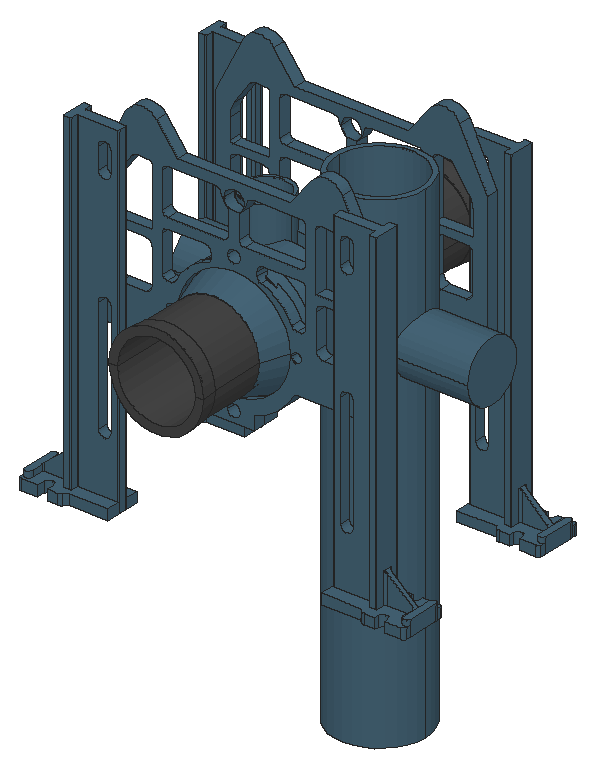
Revit family "Carrier_Closet_Offset_Vertical_Left_Hand-Zurn-Z1209-ND4", category Plumbing Fixtures, Revit 2022 (continued)
Dimensions and locks (in)
  aligned and locked: plane 138 to curve 9
  aligned and locked: curve 9 to plane 99 "MIDD"
  aligned and locked: plane 142 to curve 10
  aligned and locked: plane 120 to curve 10
  aligned and locked: plane 140 "Vent Plane _L4" to curve 10
  aligned and locked: plane 127 "New Plane 1" to curve 11
  aligned and locked: plane 128 "New Plane 2" to curve 11
  aligned and locked: plane 146 "New Plane_ND" to Extrusion 16 sketch curve
  aligned and locked: plane 146 "New Plane_ND" to Extrusion 13 sketch curve  (x2)
  aligned and locked: plane 146 "New Plane_ND" to Extrusion 15 sketch curve  (x2)
  aligned and locked: Revolve 18 sketch curve to Revolve 18 sketch curve
  aligned and locked: Revolve 18 sketch curve to plane 148
  aligned and locked: plane 151 to Revolve 21 sketch curve
  aligned and locked: plane 150 to Revolve 21 sketch curve
  aligned and locked: Sweep 24 sketch curve to Sweep 24 sketch curve
  aligned and locked: Sweep 22 to Extrusion 25
  aligned and locked: Extrusion 26 to Extrusion 25
  aligned and locked: Sweep 28 sketch curve to Sweep 28 sketch curve
  aligned and locked: plane 153 to Sweep 27
  aligned and locked: Sweep 2 sketch curve to plane 8
  aligned and locked: Extrusion 31 sketch curve to plane 183
  aligned and locked: plane 183 to Extrusion 31 sketch curve
  aligned and locked: Extrusion 31 sketch curve to plane 184
  aligned and locked: plane 187 to Extrusion 31 sketch curve
  aligned and locked: Extrusion 31 sketch curve to plane 188  (x2)
  aligned and locked: Extrusion 10 to plane 147 "N plane"
  aligned and locked: Extrusion 10 to plane 89
  aligned and locked: Extrusion 31 sketch curve to plane 192
  aligned and locked: plane 193 to Extrusion 32 sketch curve
  aligned and locked: plane 3 "Center (Left/Right)" to Extrusion 32 sketch curve
  aligned and locked: Revolve 21 to Extrusion 32
  aligned and locked: Extrusion 32 to Extrusion 10
  aligned and locked: Masking region 1 sketch curve to Sweep 23
  aligned and locked: Sweep 23 to plane 152
  aligned and locked: Masking region 1 to plane 152  (x2)
  aligned and locked: plane 42 to Sweep 23
  aligned and locked: plane 153 to Masking region 1  (x2)
  aligned and locked: plane 42 to Masking region 1  (x3)
  aligned and locked: Sweep 27 to plane 8
  aligned and locked: Sweep 27 to plane 41
  aligned and locked: plane 99 "MIDD" to Masking region 1 sketch curve
  aligned and locked: plane 126 "Offset Plane" to Masking region 1 sketch curve  (x2)
  aligned and locked: plane 146 "New Plane_ND" to Masking region 1 sketch curve
  aligned and locked: plane 117 to Masking region 1 sketch curve
  aligned and locked: plane 194 to cut or joined group of Extrusion 10, Extrusion 31, Extrusion 32
  aligned and locked: plane 194 to Sweep 27
  aligned and locked: plane 100 to Masking region 1
  aligned and locked: Masking region 1 to plane 101
  aligned and locked: plane 195 to cut or joined group of Extrusion 9, Extrusion 10, Extrusion 29, Extrusion 30, Extrusion 32
  aligned and locked: plane 195 to Masking region 1
  aligned and locked: plane 72 to cut or joined group of Sweep 3, Extrusion 5, Extrusion 6
  aligned and locked: Masking region 1 sketch curve to plane 196
  aligned and locked: plane 197 to Masking region 1 sketch curve
  aligned and locked: plane 198 to Masking region 1 sketch curve
  aligned and locked: plane 85 to plane 194
  aligned and locked: plane 200 to Sweep 23
  aligned and locked: plane 9 to Sweep 23
  aligned and locked: Masking region 1 sketch curve to Sweep 27
  aligned and locked: Sweep 27 to plane 152
  aligned and locked: cut or joined group of Extrusion 10, Extrusion 31, Extrusion 32 to plane 199
  aligned and locked: plane 201 to plane 199
  aligned and locked: plane 201 to cut or joined group of Extrusion 10, Extrusion 31, Extrusion 32
  aligned and locked: plane 201 to Masking region 1 sketch curve
  aligned and locked: plane 202 to Masking region 1 sketch curve
  aligned and locked: Masking region 1 sketch curve to plane 202
  aligned and locked: Masking region 1 sketch curve to plane 42
  aligned and locked: plane 200 to Masking region 1 sketch curve
  aligned and locked: Masking region 1 sketch curve to plane 152
  aligned and locked: plane 9 to Masking region 1 sketch curve
  aligned and locked: plane 153 to Masking region 1 sketch curve
  aligned and locked: plane 203 to Masking region 1 sketch curve  (x2)
  aligned and locked: curve 11 to plane 146 "New Plane_ND"
  aligned and locked: curve 8 to plane 146 "New Plane_ND"
  aligned and locked: curve 7 to plane 146 "New Plane_ND"
  aligned and locked: plane 84 to curve 12
  aligned and locked: plane 81 "yy" to curve 12
  aligned and locked: plane 126 "Offset Plane" to curve 12
  aligned and locked: plane 84 to curve 13
  aligned and locked: plane 81 "yy" to curve 13
  aligned and locked: plane 126 "Offset Plane" to curve 13
  aligned and locked: plane 45 "Horizontal Mid Plane" to curve 14
  aligned and locked: plane 74 to curve 14
  aligned and locked: curve 14 to plane 146 "New Plane_ND"
  aligned and locked: curve 6 to plane 146 "New Plane_ND"
  aligned and locked: Masking region 1 sketch curve to Revolve 18
  aligned and locked: plane 136 to curve 18
  aligned and locked: plane 137 to curve 18
  aligned and locked: curve 18 to plane 146 "New Plane_ND"
  aligned and locked: plane 205 to curve 19
  aligned and locked: plane 206 to curve 19
  aligned and locked: plane 130 "Vent Plane" to curve 19
  aligned and locked: curve 16 to curve 15
Automatic sketch dimensions
  Extrusion 29 sketch curve to plane 169 = 0.000"
  Extrusion 29 sketch curve to plane 37 = 0.000"
  Extrusion 29 sketch curve to plane 174 = 0.000"
  Extrusion 29 sketch curve to plane 170 = 0.000"  (x2)
  Extrusion 29 sketch curve to plane 144 = 0.015"  (x2)
  plane 79 to Extrusion 29 sketch curve = 0.17346"
  Sweep 1 sketch curve to level = 0.000"
  Sweep 1 sketch curve to plane 83 = 0.250"
  Sweep 1 sketch curve to profile plane = 0.000"
  plane 1 "Center (Front/Back)" to Sweep 1 sketch curve = 0.82159"
  Sweep 1 sketch curve to Sweep 1 sketch curve = 1.90806"
  plane 1 "Center (Front/Back)" to Sweep 1 sketch curve = 1.08056"
  Sweep 1 sketch curve to Sweep 1 sketch curve = 0.14917"
  Sweep 1 sketch curve to Sweep 1 sketch curve = 0.29957"
  Sweep 1 sketch curve to Sweep 1 sketch curve = 0.18604"
  Sweep 1 sketch curve to Sweep 1 sketch curve = 0.19701"
  Sweep 1 sketch curve to Sweep 1 sketch curve = 0.51471"
  Sweep 1 sketch curve to Sweep 1 sketch curve = 0.56131"
  Sweep 1 sketch curve to Sweep 1 sketch curve = 0.23851"  (x2)
  Sweep 1 sketch curve to Sweep 1 sketch curve = 0.79503"  (x2)
  Sweep 1 sketch curve to Sweep 1 sketch curve = 0.15901"  (x2)
  Sweep 1 sketch curve to Sweep 1 sketch curve = 0.36122"
  Sweep 1 sketch curve to Sweep 1 sketch curve = 0.1836"
  Sweep 2 sketch curve to plane 6 = 0.000"
  Sweep 2 sketch curve to level = 0.000"
  Sweep 2 sketch curve to plane 42 = 0.07317"
  plane 1 "Center (Front/Back)" to Sweep 2 sketch curve = 0.000"  (x2)
  Sweep 2 sketch curve to Sweep 2 sketch curve = 0.16903"
  Sweep 2 sketch curve to Sweep 2 sketch curve = 0.1875"
  Sweep 2 sketch curve to Sweep 2 sketch curve = 0.06319"
  Sweep 2 sketch curve to Sweep 2 sketch curve = 0.12784"
  plane 1 "Center (Front/Back)" to Sweep 2 sketch curve = 0.22172"
  Sweep 2 sketch curve to Sweep 2 sketch curve = 1.23133"
  Sweep 2 sketch curve to Sweep 2 sketch curve = 0.000"  (x2)
  Sweep 2 sketch curve to Sweep 2 sketch curve = 0.09672"
  Sweep 2 sketch curve to Sweep 2 sketch curve = 0.03382"  (x2)
  Sweep 2 sketch curve to Sweep 2 sketch curve = 0.27622"
  Sweep 2 sketch curve to Sweep 2 sketch curve = 0.05198"  (x2)
  Sweep 2 sketch curve to Sweep 2 sketch curve = 0.05224"  (x2)
  Sweep 2 sketch curve to Sweep 2 sketch curve = 1.88198"
  Sweep 2 sketch curve to plane 1 "Center (Front/Back)" = 0.17683"
  Sweep 2 sketch curve to Sweep 2 sketch curve = 0.03666"
  Sweep 2 sketch curve to Sweep 2 sketch curve = 0.27616"  (x2)
  Sweep 2 sketch curve to Sweep 2 sketch curve = 0.57551"
  Sweep 2 sketch curve to Sweep 2 sketch curve = 0.52091"
  plane 42 to Sweep 3 sketch curve = 0.000"
  Sweep 3 sketch curve to level = 0.000"
  Sweep 3 sketch curve to plane 83 = 0.250"
  Sweep 3 sketch curve to profile plane = 0.000"
  Sweep 3 sketch curve to plane 1 "Center (Front/Back)" = 0.93138"
  profile plane to Sweep 3 sketch curve = 1.90806"
  plane 1 "Center (Front/Back)" to Sweep 3 sketch curve = 0.93138"
  Sweep 3 sketch curve to Sweep 3 sketch curve = 0.000"
  plane 1 "Center (Front/Back)" to Sweep 3 sketch curve = 1.08056"
  Sweep 3 sketch curve to Sweep 3 sketch curve = 0.14917"  (x2)
  Sweep 3 sketch curve to plane 1 "Center (Front/Back)" = 1.08056"
  Sweep 3 sketch curve to Sweep 3 sketch curve = 0.18604"  (x2)
  Sweep 3 sketch curve to Sweep 3 sketch curve = 0.19701"  (x2)
  Sweep 3 sketch curve to Sweep 3 sketch curve = 0.52567"  (x2)
  Sweep 3 sketch curve to Sweep 3 sketch curve = 0.23851"  (x2)
  Sweep 3 sketch curve to Sweep 3 sketch curve = 0.79503"  (x2)
  Sweep 3 sketch curve to Sweep 3 sketch curve = 0.15901"  (x3)
  Sweep 3 sketch curve to Sweep 3 sketch curve = 0.1836"
  Sweep 4 sketch curve to plane 12 = 0.000"
  Sweep 4 sketch curve to level = 0.000"
  plane 41 to Sweep 4 sketch curve = 0.07317"
  plane 1 "Center (Front/Back)" to Sweep 4 sketch curve = 0.000"  (x2)
  Sweep 4 sketch curve to Sweep 4 sketch curve = 0.16903"
  Sweep 4 sketch curve to Sweep 4 sketch curve = 0.1875"
  Sweep 4 sketch curve to plane 33 = 0.06181"
  Sweep 4 sketch curve to plane 34 = 0.00284"
  Sweep 4 sketch curve to Sweep 4 sketch curve = 1.23133"
  Sweep 4 sketch curve to Sweep 4 sketch curve = 0.000"
  plane 34 to Sweep 4 sketch curve = 0.02828"
  Sweep 4 sketch curve to Sweep 4 sketch curve = 0.09672"
  Sweep 4 sketch curve to Sweep 4 sketch curve = 0.03382"  (x2)
  Sweep 4 sketch curve to Sweep 4 sketch curve = 0.05198"  (x2)
  Sweep 4 sketch curve to Sweep 4 sketch curve = 0.27622"
  plane 33 to Sweep 4 sketch curve = 0.05224"
  Sweep 4 sketch curve to Sweep 4 sketch curve = 0.05224"
  plane 34 to Sweep 4 sketch curve = 0.10982"
  Sweep 4 sketch curve to Sweep 4 sketch curve = 1.88198"
  Sweep 4 sketch curve to Sweep 4 sketch curve = 0.07317"
  Sweep 4 sketch curve to Sweep 4 sketch curve = 0.27616"  (x2)
  plane 33 to Sweep 4 sketch curve = 0.51369"
  Sweep 4 sketch curve to Sweep 4 sketch curve = 0.52091"
  Extrusion 5 sketch curve to plane 36 = 0.000"
  Extrusion 5 sketch curve to plane 16 = 0.000"
  Extrusion 5 sketch curve to plane 9 = 0.36179"
  plane 15 to Extrusion 5 sketch curve = 0.30606"
  plane 47 to Extrusion 5 sketch curve = 0.11995"
  Extrusion 6 sketch curve to plane 36 = 0.000"
  plane 196 to Extrusion 6 sketch curve = 0.49785"
  plane 8 to Extrusion 6 sketch curve = 0.34356"
  Extrusion 6 sketch curve to plane 135 = 0.6175"
  plane 47 to Extrusion 6 sketch curve = 0.11995"
  Extrusion 7 sketch curve to plane 19 = 0.000"
  Extrusion 7 sketch curve to plane 23 = 0.000"
  Extrusion 7 sketch curve to plane 24 = 0.000"
  Extrusion 7 sketch curve to plane 20 = 0.000"  (x2)
  Extrusion 7 sketch curve to plane 144 = 0.015"  (x2)
  plane 79 to Extrusion 7 sketch curve = 0.17346"
  Extrusion 8 sketch curve to plane 26 = 0.000"
  Extrusion 8 sketch curve to plane 30 = 0.000"
  Extrusion 8 sketch curve to plane 31 = 0.000"
  plane 27 to Extrusion 8 sketch curve = 0.000"  (x2)
  plane 131 to Extrusion 8 sketch curve = 0.015"  (x2)
  plane 79 to Extrusion 8 sketch curve = 0.17346"
  Extrusion 9 sketch curve to Extrusion 9 sketch curve = 0.000"  (x2)
  plane 38 to Extrusion 9 sketch curve = 0.000"
  Extrusion 9 sketch curve to plane 54 = 0.000"
  Extrusion 9 sketch curve to plane 55 = 0.000"
  Extrusion 9 sketch curve to plane 50 = 0.000"
  plane 51 to Extrusion 9 sketch curve = 0.000"
  Extrusion 9 sketch curve to plane 37 = 0.000"
  Extrusion 9 sketch curve to plane 46 = 0.000"
  plane 41 to Extrusion 9 sketch curve = 0.0456"
  Extrusion 9 sketch curve to plane 126 "Offset Plane" = 0.196"
  Extrusion 10 sketch curve to plane 57 = 0.000"  (x2)
  Extrusion 10 sketch curve to plane 132 "Offset R plane" = 0.000"
  Extrusion 10 sketch curve to plane 58 = 0.000"
  Extrusion 10 sketch curve to plane 45 "Horizontal Mid Plane" = 0.000"  (x2)
  plane 100 to Extrusion 10 sketch curve = 0.000"
  Extrusion 10 sketch curve to plane 3 "Center (Left/Right)" = 0.000"
  Extrusion 10 sketch curve to plane 60 = 0.000"
  Extrusion 10 sketch curve to plane 59 = 0.000"
  Extrusion 10 sketch curve to plane 126 "Offset Plane" = 0.000"
  Extrusion 10 sketch curve to plane 132 "Offset R plane" = 0.00815"
  Extrusion 10 sketch curve to Extrusion 10 sketch curve = 0.21393"
  Extrusion 10 sketch curve to plane 82 = 0.09928"  (x3)
  Extrusion 10 sketch curve to plane 38 = 0.15364"
  Extrusion 10 sketch curve to plane 38 = 0.12358"
  plane 38 to Extrusion 10 sketch curve = 0.1875"
  plane 38 to Extrusion 10 sketch curve = 0.23912"
  Extrusion 10 sketch curve to plane 128 "New Plane 2" = 0.05609"
  plane 41 to Extrusion 10 sketch curve = 0.31947"
  plane 41 to Extrusion 10 sketch curve = 0.35183"
  Extrusion 10 sketch curve to plane 37 = 0.20275"  (x2)
  plane 41 to Extrusion 10 sketch curve = 0.47394"
  Extrusion 10 sketch curve to plane 144 = 0.4375"
  Extrusion 10 sketch curve to Extrusion 10 sketch curve = 0.32788"
  Extrusion 10 sketch curve to Extrusion 10 sketch curve = 0.22606"  (x2)
  Extrusion 10 sketch curve to Extrusion 10 sketch curve = 0.20795"  (x2)
  Extrusion 10 sketch curve to plane 57 = 0.250"
  Extrusion 10 sketch curve to Extrusion 10 sketch curve = 0.250"
  Extrusion 10 sketch curve to plane 78 = 0.05506"  (x2)
  plane 58 to Extrusion 10 sketch curve = 0.250"
  plane 118 to Extrusion 10 sketch curve = 0.07124"
  plane 118 to Extrusion 10 sketch curve = 0.06674"
  plane 118 to Extrusion 10 sketch curve = 0.0625"
  Extrusion 10 sketch curve to plane 67 = 0.02186"
  Extrusion 10 sketch curve to plane 67 = 0.04728"
  Extrusion 10 sketch curve to plane 67 = 0.05506"
  plane 98 to Extrusion 10 sketch curve = 0.07027"
  plane 98 to Extrusion 10 sketch curve = 0.26118"
  plane 88 to Extrusion 10 sketch curve = 0.22766"  (x2)
  plane 137 to Extrusion 10 sketch curve = 0.40058"
  plane 74 to Extrusion 10 sketch curve = 0.13244"
  plane 57 to Extrusion 10 sketch curve = 0.00744"  (x2)
  plane 137 to Extrusion 10 sketch curve = 0.05807"
  plane 138 to Extrusion 10 sketch curve = 0.062"
  Extrusion 10 sketch curve to plane 138 = 0.05807"
  Extrusion 10 sketch curve to plane 138 = 0.188"
  Extrusion 10 sketch curve to plane 138 = 0.40058"
  Extrusion 10 sketch curve to plane 97 = 0.26118"
  Extrusion 10 sketch curve to plane 97 = 0.07027"
  Extrusion 10 sketch curve to plane 69 = 0.05506"
  Extrusion 10 sketch curve to plane 69 = 0.04728"
  Extrusion 10 sketch curve to plane 69 = 0.02186"
  plane 60 to Extrusion 10 sketch curve = 0.00424"
  plane 60 to Extrusion 10 sketch curve = 0.00874"
  plane 60 to Extrusion 10 sketch curve = 0.1875"  (x3)
  plane 126 "Offset Plane" to Extrusion 10 sketch curve = 0.00815"
  Extrusion 10 sketch curve to plane 57 = 0.21393"
  Extrusion 10 sketch curve to plane 39 = 0.15364"
  Extrusion 10 sketch curve to plane 39 = 0.12358"
  plane 39 to Extrusion 10 sketch curve = 0.1875"
  plane 39 to Extrusion 10 sketch curve = 0.23912"
  plane 133 to Extrusion 10 sketch curve = 0.05609"
  Extrusion 10 sketch curve to plane 42 = 0.31947"
  Extrusion 10 sketch curve to plane 42 = 0.35183"
  Extrusion 10 sketch curve to plane 82 = 0.07726"
  Extrusion 10 sketch curve to Extrusion 10 sketch curve = 0.36024"
  plane 80 to Extrusion 10 sketch curve = 0.16644"  (x2)
  Extrusion 10 sketch curve to Extrusion 10 sketch curve = 0.08468"  (x2)
  plane 94 "X Plane" to Extrusion 10 sketch curve = 0.38173"
  Extrusion 10 sketch curve to plane 74 = 1.15317"  (x2)
  Extrusion 10 sketch curve to Extrusion 10 sketch curve = 0.17437"  (x2)
  Extrusion 10 sketch curve to Extrusion 10 sketch curve = 0.20966"  (x2)
  Extrusion 10 sketch curve to Extrusion 10 sketch curve = 0.07068"
  Extrusion 10 sketch curve to Extrusion 10 sketch curve = 0.06994"
  Extrusion 10 sketch curve to plane 78 = 0.625"
  plane 74 to Extrusion 10 sketch curve = 0.20528"
  plane 37 to Extrusion 10 sketch curve = 0.17759"  (x2)
  Extrusion 10 sketch curve to plane 57 = 0.31937"  (x2)
  Extrusion 10 sketch curve to plane 69 = 0.23153"
  Revolve 11 sketch curve to plane 3 "Center (Left/Right)" = 0.000"
  plane 139 to Revolve 11 sketch curve = 0.03771"
  Revolve 11 sketch curve to plane 139 = 0.04841"
  Revolve 11 sketch curve to plane 63 = 0.08612"
  plane 76 to Revolve 11 sketch curve = 0.03962"
  plane 89 to Revolve 11 sketch curve = 0.500"
  plane 146 "New Plane_ND" to Revolve 11 sketch curve = 0.125"
  curve 17 to plane 94 "X Plane" = 0.000"
  curve 17 to plane 204 = 0.000"
  curve 4 to plane 124 = 0.000"
  curve 17 to plane 95 = 0.000"
  curve 5 to plane 45 "Horizontal Mid Plane" = 0.000"
  Masking region 1 sketch curve to plane 8 = 0.000"  (x2)
  plane 152 to Masking region 1 sketch curve = 0.000"
  Masking region 1 sketch curve to plane 196 = 0.000"
  Masking region 1 sketch curve to plane 41 = 0.000"
  Masking region 1 sketch curve to plane 128 "New Plane 2" = 0.000"
  Masking region 1 sketch curve to plane 118 = 0.000"
  Masking region 1 sketch curve to plane 100 = 0.000"
  Masking region 1 sketch curve to plane 44 = 0.000"
  Masking region 1 sketch curve to plane 42 = 0.000"  (x3)
  Masking region 1 sketch curve to plane 9 = 0.000"
  Masking region 1 sketch curve to plane 127 "New Plane 1" = 0.000"
  plane 153 to Masking region 1 sketch curve = 0.000"
  Masking region 1 sketch curve to plane 199 = 0.000"
  Masking region 1 sketch curve to plane 85 = 0.000"
  Masking region 1 sketch curve to plane 109 = 0.000"
  Masking region 1 sketch curve to plane 73 = 0.000"
  Masking region 1 sketch curve to plane 195 = 0.000"  (x2)
  Masking region 1 sketch curve to plane 72 = 0.000"
  plane 117 to Masking region 1 sketch curve = 0.09708"  (x2)
  Masking region 1 sketch curve to plane 42 = 0.46623"
  Masking region 1 sketch curve to plane 42 = 0.46715"
  Masking region 1 sketch curve to plane 153 = 0.22487"
  Masking region 1 sketch curve to plane 152 = 0.19413"  (x2)
  Masking region 1 sketch curve to plane 81 "yy" = 0.69676"
  plane 120 to Masking region 1 sketch curve = 0.65575"
  plane 142 to Masking region 1 sketch curve = 0.09167"
  Masking region 1 sketch curve to plane 142 = 0.28056"
  Masking region 1 sketch curve to plane 76 = 0.09259"  (x2)
  Extrusion 19 sketch curve to plane 3 "Center (Left/Right)" = 0.000"
  Extrusion 19 sketch curve to plane 45 "Horizontal Mid Plane" = 0.000"
  Extrusion 20 sketch curve to plane 3 "Center (Left/Right)" = 0.000"
  Extrusion 20 sketch curve to plane 45 "Horizontal Mid Plane" = 0.000"
  Revolve 21 sketch curve to plane 3 "Center (Left/Right)" = 0.000"
  plane 139 to Revolve 21 sketch curve = 0.03771"
  Revolve 21 sketch curve to plane 139 = 0.04841"
  Revolve 21 sketch curve to plane 151 = 0.08612"
  Revolve 21 sketch curve to plane 85 = 0.18562"
  Revolve 21 sketch curve to plane 146 "New Plane_ND" = 0.125"
  Revolve 21 sketch curve to plane 108 "Plane for stand" = 0.250"
  plane 41 to Sweep 22 sketch curve = 0.000"
  Sweep 22 sketch curve to level = 0.000"
  Sweep 22 sketch curve to plane 83 = 0.250"
  Sweep 22 sketch curve to profile plane = 0.000"
  Sweep 22 sketch curve to profile plane = 0.93138"
  profile plane to Sweep 22 sketch curve = 1.90806"
  profile plane to Sweep 22 sketch curve = 0.82159"
  Sweep 22 sketch curve to Sweep 22 sketch curve = 0.000"
  Sweep 22 sketch curve to Sweep 22 sketch curve = 0.14917"  (x3)
  Sweep 22 sketch curve to Sweep 22 sketch curve = 0.18604"  (x2)
  Sweep 22 sketch curve to Sweep 22 sketch curve = 0.01096"
  Sweep 22 sketch curve to Sweep 22 sketch curve = 0.19701"
  Sweep 22 sketch curve to Sweep 22 sketch curve = 0.52567"  (x2)
  Sweep 22 sketch curve to Sweep 22 sketch curve = 0.23851"  (x2)
  Sweep 22 sketch curve to Sweep 22 sketch curve = 0.79503"  (x2)
  Sweep 22 sketch curve to Sweep 22 sketch curve = 0.15901"
  Sweep 22 sketch curve to profile plane = 0.99724"
  Sweep 22 sketch curve to Sweep 22 sketch curve = 0.07569"
  Sweep 22 sketch curve to Sweep 22 sketch curve = 0.36122"
  Sweep 22 sketch curve to Sweep 22 sketch curve = 0.04124"
  profile plane to Sweep 22 sketch curve = 0.97265"
  Sweep 22 sketch curve to Sweep 22 sketch curve = 0.0246"
  Sweep 22 sketch curve to Sweep 22 sketch curve = 0.0918"
  Sweep 22 sketch curve to Sweep 22 sketch curve = 0.21773"
  plane 42 to Sweep 23 sketch curve = 0.000"
  Sweep 23 sketch curve to level = 0.000"
  Sweep 23 sketch curve to plane 83 = 0.250"
  Sweep 23 sketch curve to profile plane = 0.000"
  profile plane to Sweep 23 sketch curve = 0.93138"
  Sweep 23 sketch curve to Sweep 23 sketch curve = 1.90806"
  Sweep 23 sketch curve to Sweep 23 sketch curve = 0.000"  (x2)
  Sweep 23 sketch curve to Sweep 23 sketch curve = 0.14917"  (x4)
  Sweep 23 sketch curve to Sweep 23 sketch curve = 0.18604"  (x2)
  Sweep 23 sketch curve to Sweep 23 sketch curve = 0.01096"  (x2)
  Sweep 23 sketch curve to Sweep 23 sketch curve = 0.52567"  (x2)
  Sweep 23 sketch curve to Sweep 23 sketch curve = 0.23851"  (x2)
  Sweep 23 sketch curve to Sweep 23 sketch curve = 0.79503"  (x2)
  Sweep 23 sketch curve to Sweep 23 sketch curve = 0.15901"
  Sweep 23 sketch curve to Sweep 23 sketch curve = 0.06855"
  Sweep 23 sketch curve to profile plane = 0.86283"
  Sweep 23 sketch curve to profile plane = 0.93138"
  Sweep 23 sketch curve to Sweep 23 sketch curve = 0.13442"  (x2)
  profile plane to Sweep 23 sketch curve = 0.97265"
  Sweep 23 sketch curve to Sweep 23 sketch curve = 0.0918"
  Sweep 24 sketch curve to plane 36 = 0.000"
  Sweep 24 sketch curve to level = 0.000"
  plane 41 to Sweep 24 sketch curve = 0.07317"
  Sweep 24 sketch curve to profile plane = 0.000"  (x2)
  plane 163 to Sweep 24 sketch curve = 0.10982"
  Sweep 24 sketch curve to profile plane = 10.54817"
  Sweep 24 sketch curve to Sweep 24 sketch curve = 0.07317"
  plane 162 to Sweep 24 sketch curve = 0.05224"
  Sweep 24 sketch curve to Sweep 24 sketch curve = 1.91864"
  Sweep 24 sketch curve to plane 163 = 0.05224"
  Sweep 24 sketch curve to Sweep 24 sketch curve = 0.000"
  Sweep 24 sketch curve to Sweep 24 sketch curve = 0.05198"  (x2)
  Sweep 24 sketch curve to Sweep 24 sketch curve = 0.03382"  (x2)
  Sweep 24 sketch curve to Sweep 24 sketch curve = 0.27622"
  Sweep 24 sketch curve to plane 162 = 0.02828"
  Sweep 24 sketch curve to Sweep 24 sketch curve = 0.09672"
  Sweep 24 sketch curve to plane 163 = 0.00284"
  Sweep 24 sketch curve to Sweep 24 sketch curve = 1.23133"
  Sweep 24 sketch curve to Sweep 24 sketch curve = 0.02771"
  Sweep 24 sketch curve to Sweep 24 sketch curve = 0.06319"
  Sweep 24 sketch curve to Sweep 24 sketch curve = 0.1875"
  Sweep 24 sketch curve to Sweep 24 sketch curve = 0.27616"  (x2)
  plane 162 to Sweep 24 sketch curve = 0.51369"
  Sweep 24 sketch curve to plane 162 = 0.06181"
  Sweep 24 sketch curve to Sweep 24 sketch curve = 0.52091"
  Extrusion 25 sketch curve to plane 36 = 0.000"
  Extrusion 25 sketch curve to plane 83 = 0.000"
  Extrusion 25 sketch curve to plane 16 = 0.000"
  Extrusion 25 sketch curve to plane 9 = 0.36179"
  plane 15 to Extrusion 25 sketch curve = 0.30606"
  plane 47 to Extrusion 25 sketch curve = 0.11995"
  Extrusion 26 sketch curve to plane 36 = 0.000"
  Extrusion 26 sketch curve to plane 83 = 0.000"
  plane 196 to Extrusion 26 sketch curve = 0.49785"
  plane 8 to Extrusion 26 sketch curve = 0.34356"
  Extrusion 26 sketch curve to plane 135 = 0.6175"
  plane 47 to Extrusion 26 sketch curve = 0.11995"
  plane 41 to Sweep 27 sketch curve = 0.000"
  Sweep 27 sketch curve to level = 0.000"
  Sweep 27 sketch curve to plane 83 = 0.250"
  Sweep 27 sketch curve to profile plane = 0.000"
  Sweep 27 sketch curve to profile plane = 0.93138"
  profile plane to Sweep 27 sketch curve = 1.90806"
  profile plane to Sweep 27 sketch curve = 0.82159"
  Sweep 27 sketch curve to Sweep 27 sketch curve = 0.000"
  Sweep 27 sketch curve to Sweep 27 sketch curve = 0.14917"  (x3)
  Sweep 27 sketch curve to Sweep 27 sketch curve = 0.18604"  (x2)
  Sweep 27 sketch curve to Sweep 27 sketch curve = 0.01096"
  Sweep 27 sketch curve to Sweep 27 sketch curve = 0.19701"
  Sweep 27 sketch curve to Sweep 27 sketch curve = 0.52567"  (x2)
  Sweep 27 sketch curve to Sweep 27 sketch curve = 0.23851"  (x2)
  Sweep 27 sketch curve to Sweep 27 sketch curve = 0.79503"  (x2)
  Sweep 27 sketch curve to Sweep 27 sketch curve = 0.15901"
  Sweep 27 sketch curve to profile plane = 0.99724"
  Sweep 27 sketch curve to Sweep 27 sketch curve = 0.07569"
  Sweep 27 sketch curve to Sweep 27 sketch curve = 0.36122"
  Sweep 27 sketch curve to Sweep 27 sketch curve = 0.04124"
  profile plane to Sweep 27 sketch curve = 0.97265"
  Sweep 27 sketch curve to Sweep 27 sketch curve = 0.0246"
  Sweep 27 sketch curve to Sweep 27 sketch curve = 0.0918"
  Sweep 27 sketch curve to Sweep 27 sketch curve = 0.21773"
  Sweep 28 sketch curve to plane 36 = 0.000"
  Sweep 28 sketch curve to level = 0.000"
  Sweep 28 sketch curve to plane 42 = 0.07317"
  Sweep 28 sketch curve to profile plane = 0.000"  (x2)
  profile plane to Sweep 28 sketch curve = 14.74817"
  Sweep 28 sketch curve to Sweep 28 sketch curve = 0.16903"
  Sweep 28 sketch curve to Sweep 28 sketch curve = 0.1875"
  Sweep 28 sketch curve to Sweep 28 sketch curve = 0.06319"
  Sweep 28 sketch curve to Sweep 28 sketch curve = 0.12784"
  Sweep 28 sketch curve to Sweep 28 sketch curve = 1.23133"
  Sweep 28 sketch curve to Sweep 28 sketch curve = 0.000"
  Sweep 28 sketch curve to Sweep 28 sketch curve = 0.09672"  (x2)
  Sweep 28 sketch curve to Sweep 28 sketch curve = 0.03382"  (x2)
  Sweep 28 sketch curve to Sweep 28 sketch curve = 0.05198"  (x2)
  Sweep 28 sketch curve to Sweep 28 sketch curve = 0.27622"
  Sweep 28 sketch curve to Sweep 28 sketch curve = 0.05224"  (x2)
  profile plane to Sweep 28 sketch curve = 0.14018"
  Sweep 28 sketch curve to Sweep 28 sketch curve = 1.88198"
  Sweep 28 sketch curve to Sweep 28 sketch curve = 0.07317"
  Sweep 28 sketch curve to Sweep 28 sketch curve = 0.27616"  (x2)
  Sweep 28 sketch curve to Sweep 28 sketch curve = 0.57551"
  Sweep 28 sketch curve to Sweep 28 sketch curve = 0.52091"
  Extrusion 30 sketch curve to plane 176 = 0.000"
  Extrusion 30 sketch curve to plane 37 = 0.000"
  Extrusion 30 sketch curve to plane 181 = 0.000"
  plane 177 to Extrusion 30 sketch curve = 0.000"  (x2)
  plane 131 to Extrusion 30 sketch curve = 0.015"  (x2)
  plane 79 to Extrusion 30 sketch curve = 0.17346"
  Extrusion 31 sketch curve to Extrusion 31 sketch curve = 0.000"  (x2)
  plane 38 to Extrusion 31 sketch curve = 0.000"
  plane 189 to Extrusion 31 sketch curve = 0.000"
  Extrusion 31 sketch curve to plane 3 "Center (Left/Right)" = 0.000"
  plane 190 to Extrusion 31 sketch curve = 0.000"
  Extrusion 31 sketch curve to plane 40 = 0.000"
  plane 185 to Extrusion 31 sketch curve = 0.000"
  Extrusion 31 sketch curve to plane 39 = 0.000"
  plane 186 to Extrusion 31 sketch curve = 0.000"
  Extrusion 31 sketch curve to plane 46 = 0.000"  (x2)
  Extrusion 31 sketch curve to plane 37 = 0.000"  (x2)
  Extrusion 31 sketch curve to plane 45 "Horizontal Mid Plane" = 0.000"
  plane 41 to Extrusion 31 sketch curve = 0.0456"
  Extrusion 31 sketch curve to plane 126 "Offset Plane" = 0.196"
  curve 16 to plane 45 "Horizontal Mid Plane" = 0.000"
  plane 93 to curve 16 = 0.000"
  curve 16 to plane 70 = 0.000"
  curve 15 to plane 3 "Center (Left/Right)" = 0.000"
  Revolve 12 sketch curve to plane 65 = 0.000"
  Revolve 12 sketch curve to plane 114 = 0.14916"
  Revolve 12 sketch curve to plane 1 "Center (Front/Back)" = 0.25327"
  plane 64 to Revolve 12 sketch curve = 0.07124"
  Revolve 12 sketch curve to plane 77 = 0.00025"
  Revolve 18 sketch curve to plane 3 "Center (Left/Right)" = 0.000"
  Revolve 18 sketch curve to plane 70 = 0.000"
  plane 149 to Revolve 18 sketch curve = 0.000"
  Revolve 18 sketch curve to plane 92 = 0.000"
  Revolve 18 sketch curve to plane 114 = 0.14916"
  plane 110 to Revolve 18 sketch curve = 0.24673"
  Revolve 18 sketch curve to plane 81 "yy" = 0.25025"
  plane 148 to Revolve 18 sketch curve = 0.07124"
  radius of Extrusion 14 sketch curve = 3.000"
  radius of Extrusion 16 sketch curve = 1.46875"
  radius of Extrusion 17 sketch curve = 2.500"
  radius of Extrusion 32 sketch curve = 0.500"
  radius of Extrusion 10 sketch curve = 0.3125"  (x2)
  radius of Extrusion 10 sketch curve = 0.250"  (x2)
  radius of Extrusion 10 sketch curve = 2.750"
  radius of Extrusion 19 sketch curve = 3.000"
  radius of Extrusion 20 sketch curve = 2.500"
Connectors (in)
  piping at (0, 4.5, 9.5), diameter 4, driven by "Coupling Radius", driven by "Waste Connection"
    settings: on Revolve 12, index 3, connector inside diameter 24", connector length 0.000", flow factor 0, pipe flow 0 GPM, pressure drop 0.00 psi, fitting loss kfactor 0, connector angle 0.00°, fixture units 0, engagement length 0.000", angle of deflection 0.00°, flow configuration 0, flow direction 1, fitting loss method 0, system type 16, joint type 0, gender type 0, connector reference index -1, connector utility 1, adjustable connector no, is connector primary yes, connector description "Water Closet Inlet"
  piping at (-1.5, -4.125, 13.5625), diameter 2, driven by "Vent Pipe Radius (Nominal)", driven by "Vent Connection"
    settings: on Extrusion 15, index 4, connector inside diameter 24", connector length 0.000", flow factor 0, pipe flow 0 GPM, pressure drop 0.00 psi, fitting loss kfactor 0, connector angle 0.00°, fixture units 0, engagement length 0.000", angle of deflection 0.00°, flow configuration 0, flow direction 2, fitting loss method 0, system type 17, joint type 0, gender type 0, connector reference index -1, connector utility 0, adjustable connector no, is connector primary no, connector description "Vent"
  piping at (4, -4.125, -7.6875), diameter 4, driven by "Outlet Pipe Radius (Nominal)", driven by "Waste Connection"
    settings: on Extrusion 13, index 5, connector inside diameter 24", connector length 0.000", flow factor 0, pipe flow 0 GPM, pressure drop 0.00 psi, fitting loss kfactor 0, connector angle 0.00°, fixture units 0, engagement length 0.000", angle of deflection 0.00°, flow configuration 0, flow direction 2, fitting loss method 0, system type 16, joint type 0, gender type 0, connector reference index -1, connector utility 1, adjustable connector no, is connector primary no, connector description "Sanitary Outlet"
  piping at (4, -4.125, 16.3125), diameter 4, driven by "Outlet Pipe Radius (Nominal)", driven by "Waste Connection"
    settings: on Extrusion 13, index 6, connector inside diameter 24", connector length 0.000", flow factor 0, pipe flow 0 GPM, pressure drop 0.00 psi, fitting loss kfactor 0, connector angle 0.00°, fixture units 0, engagement length 0.000", angle of deflection 0.00°, flow configuration 0, flow direction 1, fitting loss method 0, system type 16, joint type 0, gender type 0, connector reference index -1, connector utility 1, adjustable connector no, is connector primary no, connector description "Sanitary Inlet"
  piping at (0, -12.75, 9.5), diameter 4, driven by "Coupling Radius", driven by "Waste Connection"
    settings: on Revolve 18, index 7, connector inside diameter 24", connector length 0.000", flow factor 0, pipe flow 0 GPM, pressure drop 0.00 psi, fitting loss kfactor 0, connector angle 0.00°, fixture units 0, engagement length 0.000", angle of deflection 0.00°, flow configuration 0, flow direction 1, fitting loss method 0, system type 16, joint type 0, gender type 0, connector reference index -1, connector utility 1, adjustable connector no, is connector primary no, connector description "Water Closet Inlet"
